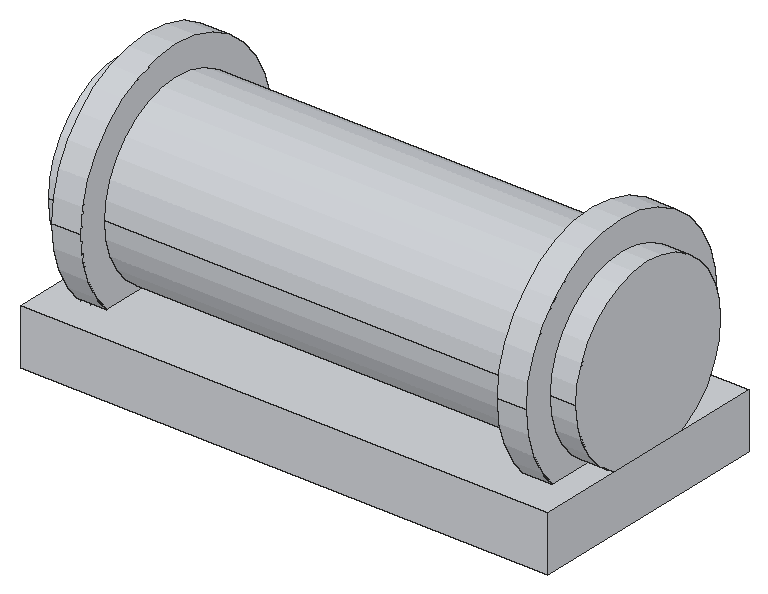
Revit family "GIS_BusModule", category Modelos genéricos, Revit 2027
Family settings
  Pode hospedar o vergalhão = Não
  Cota do conector redondo = Utilizar diâmetro
  Tipo de parte = Normal
  Com base no plano de trabalho = Não
  Sempre na vertical = Sim
  Corte com vazios quando carregada = Não
  Manter orientação da anotação = Não
  Compartilhado = Não
  Ponto de cálculo do ambiente = Não
Parameters (values of type "GIS_BUS_145KV_STUDY")
  Elevação padrão = 0 mm
  BIM_TensaoSecundaria_kV = 0
  BIM_TensaoNominal_kV = 138
  BIM_TensaoClasse_kV = 145
  BIM_TensaoClasseSecundaria_kV = 0
  BIM_Sistema_Elemento [instance] = ""
  BIM_ReferenciaCatalogo = "GE Vernova F35 reference bay width 800 mm; enclosure OD and joints estimated"
  BIM_Profundidade = 380 mm
  BIM_Potencia_MVA = 0
  BIM_Localizacao [instance] = ""
  BIM_Largura = 800 mm
  BIM_Impedancia_pu = 0
  BIM_FonteGeometria = "GE Vernova F35 reference bay width 800 mm; enclosure OD and joints estimated"
  BIM_Fabricante = "NAO SELECIONADO"
  BIM_EstadoGeometria = "ENVELOPE_ESTIMATE"
  BIM_EstadoEspecificacao = "PREMISSA / NAO SELECIONADO"
  BIM_DescricaoEstudo = "Módulo de carcaça de barra GIS externa; não revela condutor interno, juntas ou rating do pedido."
  BIM_CorrenteReferenciaSecundaria_A = 0
  BIM_CorrenteNominal_A = 0
  BIM_Bay [instance] = ""
  BIM_AlturaCorpoPrincipal = 83.6 mm
  BIM_Altura = 380 mm
Reference planes
  plane 1 "Centro (Frente/Trás)": y = 0
  plane 2: z = 0
  plane 3 "Centro (Esquerda/Direita)": x = 0
  plane 4 "BIM Left": x = -400
  plane 5 "BIM Right": x = 400
  plane 6 "BIM Front": y = -190
  plane 7 "BIM Back": y = 190
Forms (mm)
  Extrusion 1, solid
    sketch origin (0, 0, 0) x (1, 0, 0) y (0, 1, 0)
      loop
        line (-400, -190) -> (400, -190) -> (400, 190) -> (-400, 190) -> (-400, -190)
    from 0 to 83.6 <- "BIM_AlturaCorpoPrincipal"
  Extrusion 2, solid
    sketch origin (-400, 0, 205.2) x (0, 1, 0) y (0, 0, 1)
      loop
        circle (0, 0) r 136.8
    from 0 to 800
  Extrusion 3, solid
    sketch origin (-360, 0, 205.2) x (0, 1, 0) y (0, 0, 1)
      loop
        circle (0, 0) r 180.576
      loop
        circle (0, 0) r 113.544
    from 0 to 44
  Extrusion 4, solid
    sketch origin (316, 0, 205.2) x (0, 1, 0) y (0, 0, 1)
      loop
        circle (0, 0) r 180.576
      loop
        circle (0, 0) r 113.544
    from 0 to 44
Dimensions and locks
  "BIM_Largura": plane 4 "BIM Left" to plane 5 "BIM Right"
  "BIM_Profundidade": plane 6 "BIM Front" to plane 7 "BIM Back"
  aligned and locked: level to plane 2
  aligned and locked: plane 4 "BIM Left" to Extrusion 1
  aligned and locked: Extrusion 1 to plane 5 "BIM Right"
  aligned and locked: Extrusion 1 to plane 6 "BIM Front"
  aligned and locked: plane 7 "BIM Back" to Extrusion 1
Automatic sketch dimensions
  Extrusion 1 sketch curve to plane 4 "BIM Left" = 0 mm
  Extrusion 1 sketch curve to plane 5 "BIM Right" = 0 mm
  Extrusion 1 sketch curve to plane 6 "BIM Front" = 0 mm
  Extrusion 1 sketch curve to plane 7 "BIM Back" = 0 mm
  Extrusion 2 sketch curve to Extrusion 2 sketch curve = 0 mm  (x2)
  Extrusion 2 sketch curve to plane 1 "Centro (Frente/Trás)" = 0 mm
  level to Extrusion 2 sketch curve = 205.2 mm
  plane 6 "BIM Front" to Extrusion 2 sketch curve = 53.2 mm
  Extrusion 3 sketch curve to Extrusion 3 sketch curve = 0 mm  (x12)
  Extrusion 3 sketch curve to plane 1 "Centro (Frente/Trás)" = 0 mm
  level to Extrusion 3 sketch curve = 205.2 mm
  plane 6 "BIM Front" to Extrusion 3 sketch curve = 76.456 mm
  plane 6 "BIM Front" to Extrusion 3 sketch curve = 9.424 mm
  Extrusion 4 sketch curve to Extrusion 4 sketch curve = 0 mm  (x12)
  Extrusion 4 sketch curve to plane 1 "Centro (Frente/Trás)" = 0 mm
  level to Extrusion 4 sketch curve = 205.2 mm
  plane 6 "BIM Front" to Extrusion 4 sketch curve = 76.456 mm
  plane 6 "BIM Front" to Extrusion 4 sketch curve = 9.424 mm
